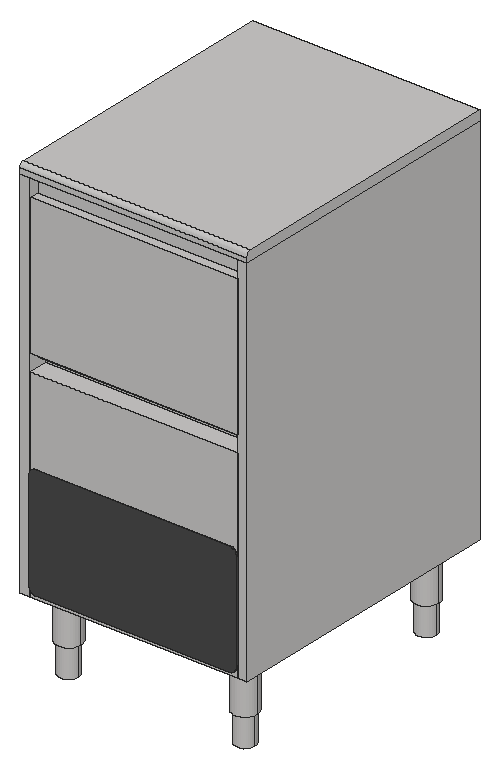
Revit family "QF_ZANUSSI_730337_IGE58I20SNP", category Attrezzature speciali, Revit 2018
Family settings
  Quota connettore circolare = Usa diametro
  Tipo di parte = Normale
  Basato su piano di lavoro = No
  Sempre verticale = Sì
  Taglio con vuoti quando caricato = No
  Condiviso = No
  Punto di calcolo locali = No
Parameters (values of type "Standard")
  Weight = 0.00 kg
  Watts = 550 W
  Volts = 220 V
  URL Manufacturer = "http://www.zanussiprofessional.com"
  URL = "http://www.zanussiprofessional.com"
  Steam Supply Size = 0 mm
  Steam Supply Minimum Pressure = 0.0 Pa
  Steam Supply Maximum Pressure = 0.0 Pa
  Steam Pounds per Hour = 0
  Show Logo [instance] = yes
  Show Clearance [instance] = yes
  Refrigeration Suction Line Size = 0 mm
  Refrigeration Liquid Line Size = 0 mm
  Refrigerant Compressor Remote = yes
  Produttore = "Zanussi"
  Phase = 1
  Modello = "IGE58I20SNP"
  Length Actual = 465 mm  # constant formula
  Item Number = "730337"
  Hot Water Size = 0 mm
  Height Actual = 105 mm  # constant formula
  HP = "0.7 HP"
  Gas Size = 0 mm
  Gas KW = 0
  Gas Input Pressure = 0 W
  Descrizione = "WATER COOLED GRANULAR ICE XS 66KG/24H-BIN 20KG"
  Depth Actual = 595 mm  # constant formula
  Cycle = 50 Hz
  Condensate Return Size = 0 mm
  Compressed Air Volume = 0.0 L/s
  Compressed Air Size = 0 mm
  Compressed Air Pressure = 0.0 Pa
  Cold Water Size = 19.05 mm
  Accessory = yes
Reference planes
  plane 1 "Center X": y = 272.851
  plane 2: z = 0
  plane 3 "Center Y": x = -501.5
  plane 4 "LEFT": x = -734
  plane 5 "RIGHT": x = -269
  plane 6 "FRONT": y = -24.649
  plane 7 "BACK": y = 570.351
  plane 8: z = 155
  plane 9: z = 943
  plane 10: z = 923
  plane 11: x = -714
  plane 12: x = -289
  plane 13: y = 15.351
Forms (mm)
  Extrusion 1, solid, material "QF_Finishes_Black"
    sketch origin (-217.296, -24.649, 371.513) x (-1, 0, 0) y (0, 0, -1)
      loop
        arc (481.704, -21.487) -> (492.311, -17.093) -> (496.704, -6.487) r 15
        line (496.704, -6.487) -> (496.704, 194.469)
        arc (496.704, 194.469) -> (492.311, 205.075) -> (481.704, 209.469) r 15
        line (481.704, 209.469) -> (86.704, 209.469)
        arc (86.704, 209.469) -> (76.097, 205.075) -> (71.704, 194.469) r 15
        line (71.704, 194.469) -> (71.704, -6.487)
        arc (71.704, -6.487) -> (76.097, -17.093) -> (86.704, -21.487) r 15
        line (86.704, -21.487) -> (481.704, -21.487)
    from 0 to 2
  Extrusion 2, solid, material "QF_Finishes_Stainless Steel"
    sketch origin (-501.5, 0, 0) x (0, 1, 0) y (0, 0, 1)
      loop
        line (570.351, 923) -> (570.351, 943) -> (-14.649, 943)
        arc (-14.649, 943) -> (-21.72, 940.071) -> (-24.649, 933) r 10
        line (-24.649, 933) -> (-24.649, 923) -> (570.351, 923)
    from -232.5 to 232.5
  Extrusion 3, solid, material "QF_Finishes_Stainless Steel"
    sketch origin (-321.2, 570.351, -329.545) x (1, 0, 0) y (0, 0, -1)
      loop
        circle (-16.8, -655.545) r 10
    from 0 to 10
  Extrusion 4, solid, material "QF_Finishes_Stainless Steel"
    sketch origin (0, 0, 0) x (1, 0, 0) y (0, 1, 0)
      loop
        line (-734, 570.351) -> (-734, -24.649) -> (-714, -24.649) -> (-714, 570.351) -> (-734, 570.351)
    from 155 to 923
  Extrusion 5, solid, material "QF_Finishes_Stainless Steel"
    sketch origin (0, 0, 0) x (1, 0, 0) y (0, 1, 0)
      loop
        line (-289, 570.351) -> (-289, -24.649) -> (-269, -24.649) -> (-269, 570.351) -> (-289, 570.351)
    from 155 to 923
  Extrusion 6, solid, material "QF_Finishes_Stainless Steel"
    sketch origin (0, 0, 0) x (1, 0, 0) y (0, 1, 0)
      loop
        line (-714, 570.351) -> (-714, 15.351) -> (-289, 15.351) -> (-289, 570.351) -> (-714, 570.351)
    from 155 to 923
  Extrusion 7, solid, material "QF_Finishes_Stainless Steel"
    sketch origin (0, 0, 0) x (1, 0, 0) y (0, 1, 0)
      loop
        line (-714, -24.649) -> (-289, -24.649) -> (-289, 15.351) -> (-714, 15.351) -> (-714, -24.649)
    from 155 to 567.953
  Extrusion 8, solid, material "QF_Finishes_Stainless Steel"
    sketch origin (-501.5, 0, 0) x (0, 1, 0) y (0, 0, 1)
      loop
        line (15.351, 923) -> (-4.649, 923) -> (-4.649, 887) -> (-24.649, 887) -> (-24.649, 601.652) -> (-4.649, 601.652) -> (-4.649, 586.652) -> (15.351, 586.652) -> (15.351, 923)
    from -212.5 to 212.5
  Extrusion 9, solid, material "QF_Finishes_Stainless Steel"
    sketch origin (-303.2, 570.351, -440.545) x (1, 0, 0) y (0, 0, -1)
      loop
        circle (-16.8, -655.545) r 10
    from 0 to 10
  Extrusion 10, solid, material "QF_Finishes_Stainless Steel"
    sketch origin (-363.2, 570.351, -361.545) x (1, 0, 0) y (0, 0, -1)
      loop
        circle (-16.8, -655.545) r 10
    from 0 to 10
Lines and regions (mm)
  Split face 1
    outline origin (-501.5, -4.649, 923) x (0, 0, -1) y (1, 0, 0)
      loop
        line (5.715, 89.928) -> (30.715, 89.928) -> (30.715, 129.928) -> (5.715, 129.928) -> (5.715, 89.928)
  symbolic lines
    curve 1: line (-734, 570.351, 0) -> (-269, 570.351, 0)
    curve 2: line (-734, -24.649, 0) -> (-734, 570.351, 0)
    curve 3: line (-269, -24.649, 0) -> (-734, -24.649, 0)
    curve 4: line (-269, 570.351, 0) -> (-269, -24.649, 0)
Dimensions and locks
  equal spacing: plane 4 "LEFT", plane 3 "Center Y", plane 5 "RIGHT"
  plane 4 "LEFT" to plane 5 "RIGHT" = 465 mm
  equal spacing: plane 7 "BACK", plane 1 "Center X", plane 6 "FRONT"
  plane 7 "BACK" to plane 6 "FRONT" = 595 mm
  plane 8 to plane 2 = 155 mm
  plane 9 to plane 8 = 788 mm
  locked: plane 4 "LEFT" to plane 11 at 20
  locked: plane 12 to plane 5 "RIGHT" at 20
  locked: plane 9 to plane 10 at 20
  locked: plane 13 to plane 6 "FRONT" at 40
  aligned and locked: level to plane 2
  aligned and locked: plane 5 "RIGHT" to Extrusion 2
  aligned and locked: Extrusion 2 to plane 4 "LEFT"
  aligned and locked: Extrusion 4 sketch curve to Extrusion 2  (x2)
  aligned and locked: plane 6 "FRONT" to Extrusion 4 sketch curve
  aligned and locked: Extrusion 4 sketch curve to plane 11
  aligned and locked: Extrusion 5 sketch curve to plane 7 "BACK"
  aligned and locked: plane 12 to Extrusion 5 sketch curve
  aligned and locked: Extrusion 5 sketch curve to Extrusion 2  (x2)
  aligned and locked: plane 10 to Extrusion 4
  aligned and locked: plane 10 to Extrusion 5
  aligned and locked: Extrusion 4 to plane 8
  aligned and locked: Extrusion 5 to plane 8
  aligned and locked: Extrusion 6 sketch curve to Extrusion 4
  aligned and locked: Extrusion 4 to Extrusion 6 sketch curve
  aligned and locked: plane 13 to Extrusion 6 sketch curve
  aligned and locked: Extrusion 6 sketch curve to plane 12
  aligned and locked: plane 10 to Extrusion 6
  aligned and locked: Extrusion 6 to plane 8
  aligned and locked: Extrusion 4 to Extrusion 7 sketch curve
  aligned and locked: Extrusion 7 sketch curve to Extrusion 4
  aligned and locked: plane 13 to Extrusion 7 sketch curve
  aligned and locked: plane 12 to Extrusion 7 sketch curve
  aligned and locked: Extrusion 7 to plane 8
  aligned and locked: plane 12 to Extrusion 8
  aligned and locked: Extrusion 8 to plane 11
Automatic sketch dimensions
  curve 3 to plane 4 "LEFT" = 0 mm
  curve 3 to plane 5 "RIGHT" = 0 mm
  curve 3 to plane 6 "FRONT" = 0 mm
  curve 2 to plane 7 "BACK" = 0 mm
  Extrusion 1 sketch curve to plane 12 = 0 mm
  plane 8 to Extrusion 1 sketch curve = 7.044 mm
  Extrusion 1 sketch curve to Extrusion 1 sketch curve = 15 mm  (x3)
  plane 11 to Extrusion 1 sketch curve = 15 mm  (x2)
  Extrusion 1 sketch curve to Extrusion 1 sketch curve = 200.956 mm
  Extrusion 2 sketch curve to plane 6 "FRONT" = 0 mm
  Extrusion 2 sketch curve to plane 9 = 0 mm
  Extrusion 2 sketch curve to plane 7 "BACK" = 0 mm
  Extrusion 2 sketch curve to plane 10 = 0 mm
  plane 6 "FRONT" to Extrusion 2 sketch curve = 10 mm
  Extrusion 6 to Extrusion 3 sketch curve = 171 mm
  Extrusion 3 sketch curve to Extrusion 6 = 49 mm
  Split face 1 sketch curve to Extrusion 8 = 5.715 mm
  Extrusion 8 to Split face 1 sketch curve = 5.285 mm
  Split face 1 sketch curve to Extrusion 8 = 122.572 mm
  Split face 1 sketch curve to Split face 1 sketch curve = 40 mm
  Extrusion 9 sketch curve to Extrusion 6 = 31 mm
  Extrusion 6 to Extrusion 9 sketch curve = 60 mm
  Extrusion 10 sketch curve to Extrusion 6 = 91 mm
  Extrusion 6 to Extrusion 10 sketch curve = 139 mm
  Extrusion 8 sketch curve to plane 6 "FRONT" = 0 mm
  Extrusion 8 sketch curve to plane 10 = 0 mm
  Extrusion 8 sketch curve to plane 13 = 0 mm
  plane 6 "FRONT" to Extrusion 8 sketch curve = 20 mm
  Extrusion 8 sketch curve to Extrusion 8 sketch curve = 20 mm
  Extrusion 8 sketch curve to plane 10 = 36 mm
  Extrusion 8 sketch curve to Extrusion 8 sketch curve = 285.348 mm
  Extrusion 8 sketch curve to Extrusion 8 sketch curve = 15 mm
  radius of Extrusion 3 sketch curve = 10 mm
  radius of Extrusion 9 sketch curve = 10 mm
  radius of Extrusion 10 sketch curve = 10 mm
Nested families
  nested 1: "Foot_Complete" at (-682, 35.351, 0), type "Foot_Complete"
    with H 155 mm
  nested 2: "Foot_Complete" at (-321, 35.351, 0) x (-1, 0, 0) z (0, 0, 1), type "Foot_Complete"
    with H 155 mm
  nested 3: "Foot_Complete" at (-682, 499.351, 0), type "Foot_Complete"
    with H 155 mm
  nested 4: "Foot_Complete" at (-321, 499.351, 0) x (-1, 0, 0) z (0, 0, 1), type "Foot_Complete"
    with H 155 mm
Connectors
  electrical at (-320, 580.351, 215), driven by "Volts"
    settings: on Extrusion 9, index 1, voltage 220 V, apparent load 0 VA, apparent load phase1 0 VA, apparent load phase2 0 VA, apparent load phase3 0 VA, power factor 1, load classification "Altro", number of poles 1, system type 30, power factor state 1, is connector primary yes, connector utility no, sub classification motor no, connector description "Electrical Connection"
  piping at (-338, 580.351, 326), diameter 20
    settings: on Extrusion 3, index 2, connector inside diameter 609.6 mm, connector length 0 mm, flow factor 0, pipe flow 0.0 L/s, pressure drop 0.0 Pa, fitting loss kfactor 0, connector angle 0.00°, fixture units 0, engagement length 0 mm, angle of deflection 0.00°, flow configuration 0, flow direction 0, fitting loss method 0, system type 20, joint type 0, gender type 0, connector reference index -1, connector utility 0, adjustable connector no, is connector primary yes, connector description "Cold water"
  piping at (-380, 580.351, 294), diameter 20
    settings: on Extrusion 10, index 3, connector inside diameter 609.6 mm, connector length 0 mm, flow factor 0, pipe flow 0.0 L/s, pressure drop 0.0 Pa, fitting loss kfactor 0, connector angle 0.00°, fixture units 0, engagement length 0 mm, angle of deflection 0.00°, flow configuration 0, flow direction 0, fitting loss method 0, system type 16, joint type 0, gender type 0, connector reference index -1, connector utility 0, adjustable connector no, is connector primary no, connector description "Drain"
Definition of nested family "Foot_Complete"
  Parameters (values of type "Foot_Complete")
    R = 25 mm
    H = 153 mm
  Reference planes
    plane 1 "Centro (Fronte/Retro)": y = 0
    plane 2: z = 0
    plane 3 "Centro (Sinistra/Destra)": x = 0
    plane 4: z = 153
  Forms (mm)
    Revolve 1, solid
      sketch origin (255.05, 0, 608.09) x (0, 0, 1) y (-1, 0, 0)
        loop
          line (-608.09, 255.05) -> (-608.09, 235.05) -> (-548.09, 235.05) -> (-548.09, 230.05) -> (-455.09, 230.05) -> (-455.09, 255.05) -> (-608.09, 255.05)
        axis (-608.09, 255.05) -> (-455.09, 255.05)
      angle from 0 to 360
  Dimensions and locks
    level to Revolve 1 sketch curve = 60 mm
    "R": Revolve 1 sketch curve to plane 3 "Centro (Sinistra/Destra)"
    "H": plane 4 to level
    aligned and locked: level to plane 2
    aligned and locked: plane 4 to Revolve 1 sketch curve
    aligned and locked: Revolve 1 sketch curve to level
    aligned and locked: plane 3 "Centro (Sinistra/Destra)" to Revolve 1 sketch curve
  Automatic sketch dimensions
    Revolve 1 sketch curve to plane 3 "Centro (Sinistra/Destra)" = 0 mm
    plane 3 "Centro (Sinistra/Destra)" to Revolve 1 sketch curve = 20 mm
    Revolve 1 sketch curve to Revolve 1 sketch curve = 50 mm
    Revolve 1 sketch curve to Revolve 1 sketch curve = 20 mm
